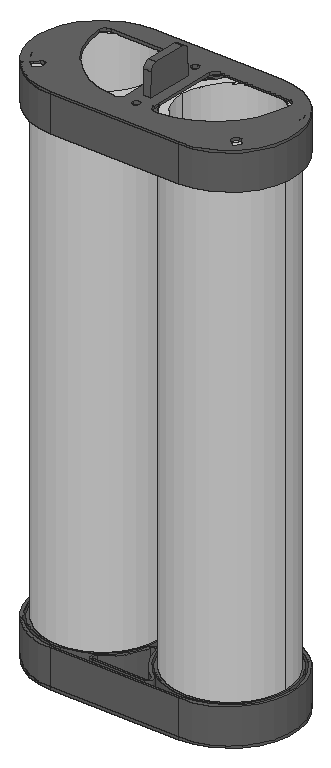
Revit family "Pedestal-System_Perimeter-Assembly_AWS", category Generic Models, Revit 2026
Family settings
  Can host rebar = No
  Round Connector Dimension = Use Diameter
  Part Type = Normal
  Work Plane-Based = No
  Always vertical = Yes
  Cut with Voids When Loaded = No
  Maintain Annotation Orientation = No
  Shared = No
  Room Calculation Point = No
Parameters
  URL = "https://paradigmwindows.com/"
  SDR 40, 1.5INCH PVC HEIGHT [instance] = 0' - 9"
  Product Page URL = "https://www.arcat.com/company/appian-way-sales-inc-48786"
  Materials = Black
  Manufacturer = "Appian Way"  # constant formula
  Keynote = "07 76 00"
  Default Elevation = 0' - 0"
  Copyright = "@ARCAT"  # constant formula
Reference planes (in)
  plane 1 "Center (Front/Back)": y = 0
  plane 2: z = 0
  plane 3 "Center (Left/Right)": x = 0
  plane 4: z = 9.03561
  plane 5: z = 0.03561
  plane 6: z = 9.07122
  plane 7: x = -1.0825
  plane 8: x = 1.0825
Dimensions and locks (in)
  locked: plane 5 to level at 0.03561
  locked: plane 6 to plane 4 at 0.03561
  "SDR 40, 1.5INCH PVC HEIGHT": plane 4 to plane 5
  plane 7 to plane 3 "Center (Left/Right)" to plane 8 = 0' - 1.0825" locked, 0' - 1.0825" locked
  aligned and locked: level to plane 2
  aligned and locked: plane 1 "Center (Front/Back)" to nested 1
  aligned and locked: plane 3 "Center (Left/Right)" to nested 1
  aligned and locked: plane 2 to nested 1
  aligned and locked: plane 3 "Center (Left/Right)" to nested 2
  aligned and locked: plane 1 "Center (Front/Back)" to nested 2
  aligned and locked: plane 4 to nested 2
  aligned and locked: plane 7 to nested 4
  aligned and locked: nested 3 to plane 8
  aligned and locked: plane 1 "Center (Front/Back)" to nested 3
  aligned and locked: plane 1 "Center (Front/Back)" to nested 4
  aligned and locked: plane 5 to nested 3
  aligned and locked: plane 5 to nested 4
Nested families (in)
  nested 1: "PERIMETER BOTTOM CAP" at (0, 0, 0.03561), type "PERIMETER BOTTOM CAP"
  nested 2: "PERIMETER TOP CAP" at (0, 0, 9.03561), type "PERIMETER TOP CAP"
  nested 3: "SDR 40, 1.5INCH PVC" at (1.0825, 0, 0.03561), type "SDR 40, 1.5INCH PVC"
    with SDR 40, 1.5INCH PVC HEIGHT 0' - 9"
  nested 4: "SDR 40, 1.5INCH PVC" at (-1.0825, 0, 0.03561), type "SDR 40, 1.5INCH PVC"
    with SDR 40, 1.5INCH PVC HEIGHT 0' - 9"
Definition of nested family "PERIMETER BOTTOM CAP"
  Parameters (values of type "PERIMETER BOTTOM CAP")
    Pipe Height = 0' - 9"
    Head Materials = none
    Default Elevation = 0' - 0"
    Adjustment Height = 0' - 0 3/4"
  Reference planes (in)
    plane 1 "Center (Front/Back)": y = 0
    plane 2: z = 0
    plane 3 "Center (Left/Right)": x = 0
    plane 4: z = -0.03561
    plane 5: z = 0.59739
  Forms (in)
    Extrusion 1, solid, material <- "Head Materials"
      sketch origin (0, 0, 0) x (0, -1, 0) y (1, 0, 0)
        loop
          arc (-1.08438, -1.0791) -> (-0.76798, -1.84807) -> (0, -2.16688) r 1.08438
          arc (0, -2.16688) -> (0.76798, -1.84807) -> (1.08438, -1.0791) r 1.08438
          line (1.08438, -1.0791) -> (1.08438, 1.0825)
          arc (1.08438, 1.0825) -> (0, 2.16688) -> (-1.08438, 1.0825) r 1.08438
          line (-1.08438, 1.0825) -> (-1.08438, -1.0791)
        loop
          arc (-1.04938, -1.0825) -> (0, -2.13188) -> (1.04938, -1.0825) r 1.04938
          line (1.04938, -1.0825) -> (1.04938, 1.0825)
          arc (1.04938, 1.0825) -> (0, 2.13188) -> (-1.04938, 1.0825) r 1.04938
          line (-1.04938, 1.0825) -> (-1.04938, -1.0825)
      from 0 to 0.59739
    Extrusion 2, solid, material <- "Head Materials"
      sketch origin (0, 0, 0) x (0, -1, 0) y (1, 0, 0)
        loop
          arc (-1.08438, -1.0791) -> (0, -2.16688) -> (1.08438, -1.0791) r 1.08438
          line (1.08438, -1.0791) -> (1.08438, 1.0825)
          arc (1.08438, 1.0825) -> (0, 2.16688) -> (-1.08438, 1.0825) r 1.08438
          line (-1.08438, 1.0825) -> (-1.08438, -1.0791)
        loop
          circle (-0.625, 0) r 0.06233
        loop
          circle (0.625, 0) r 0.06233
        loop
          arc (-0.61952, -0.56068) -> (-0.17916, -1.28994) -> (0.60642, -1.61948) r 1.3741
          arc (0.60642, -1.61948) -> (0.66776, -1.54097) -> (0.719, -1.45551) r 0.81
          line (0.719, -1.45551) -> (0.719, -0.70949)
          arc (0.719, -0.70949) -> (0.0895, -0.27746) -> (-0.61952, -0.56068) r 0.81
        loop
          arc (0.60642, 1.61948) -> (-0.17916, 1.28994) -> (-0.61952, 0.56068) r 1.3741
          arc (-0.61952, 0.56068) -> (0.0895, 0.27746) -> (0.719, 0.70949) r 0.81
          line (0.719, 0.70949) -> (0.719, 1.45551)
          arc (0.719, 1.45551) -> (0.66776, 1.54097) -> (0.60642, 1.61948) r 0.81
      from -0.03561 to 0
    Extrusion 3, solid, material <- "Head Materials"
      sketch origin (0, 0, 0) x (0, -1, 0) y (1, 0, 0)
        loop
          circle (0, -1.0825) r 1.00106
        loop
          circle (0, -1.0825) r 0.9578
        loop
          circle (0, 1.0825) r 1.00106
        loop
          circle (0, 1.0825) r 0.9578
        loop
          arc (-1.00106, -0.44066) -> (-0.94201, -0.5212) -> (-0.84744, -0.4891) r 0.08445
          arc (-0.84744, -0.4891) -> (-0.59422, -0.23564) -> (-0.26973, -0.08375) r 1.03454
          arc (-0.26973, -0.08375) -> (-0.20561, 0) -> (-0.26973, 0.08375) r 0.08675
          arc (-0.26973, 0.08375) -> (-0.5941, 0.23556) -> (-0.84728, 0.48887) r 1.03454
          arc (-0.84728, 0.48887) -> (-0.94195, 0.52099) -> (-1.00106, 0.44036) r 0.08454
          line (-1.00106, 0.44036) -> (-1.00106, -0.44066)
        loop
          arc (-0.87495, 0.46739) -> (-0.93107, 0.48635) -> (-0.96607, 0.43857) r 0.05012
          line (-0.96607, 0.43857) -> (-0.96607, -0.4381)
          arc (-0.96607, -0.4381) -> (-0.93097, -0.48602) -> (-0.8747, -0.46703) r 0.05026
          arc (-0.8747, -0.46703) -> (-0.61352, -0.20644) -> (-0.27934, -0.05009) r 1.06953
          arc (-0.27934, -0.05009) -> (-0.241, 0) -> (-0.27934, 0.05009) r 0.05189
          arc (-0.27934, 0.05009) -> (-0.61371, 0.20656) -> (-0.87495, 0.46739) r 1.06953
        loop
          line (1.00106, -0.44066) -> (1.00106, 0.44036)
          arc (1.00106, 0.44036) -> (0.94195, 0.52099) -> (0.84728, 0.48887) r 0.08454
          arc (0.84728, 0.48887) -> (0.5941, 0.23556) -> (0.26973, 0.08375) r 1.03454
          arc (0.26973, 0.08375) -> (0.20561, 0) -> (0.26973, -0.08375) r 0.08675
          arc (0.26973, -0.08375) -> (0.59422, -0.23564) -> (0.84744, -0.4891) r 1.03454
          arc (0.84744, -0.4891) -> (0.94201, -0.5212) -> (1.00106, -0.44066) r 0.08445
        loop
          arc (0.87495, 0.46739) -> (0.61371, 0.20656) -> (0.27934, 0.05009) r 1.06953
          arc (0.27934, 0.05009) -> (0.241, 0) -> (0.27934, -0.05009) r 0.05189
          arc (0.27934, -0.05009) -> (0.61352, -0.20644) -> (0.8747, -0.46703) r 1.06953
          arc (0.8747, -0.46703) -> (0.93097, -0.48602) -> (0.96607, -0.4381) r 0.05026
          line (0.96607, -0.4381) -> (0.96607, 0.43857)
          arc (0.96607, 0.43857) -> (0.93107, 0.48635) -> (0.87495, 0.46739) r 0.05012
      from 0.59739 to 0
    Extrusion 4, void
      sketch origin (0, 0, 0) x (0, -1, 0) y (1, 0, 0)
        loop
          arc (-0.52692, -1.71524) -> (-0.52692, -1.60942) -> (-0.63274, -1.60942) r 0.07483
          line (-0.63274, -1.60942) -> (-0.72811, -1.70479)
          arc (-0.72811, -1.70479) -> (-0.67727, -1.75977) -> (-0.62229, -1.81061) r 0.9578
          line (-0.62229, -1.81061) -> (-0.52692, -1.71524)
        loop
          line (-0.52692, 1.71524) -> (-0.62229, 1.81061)
          arc (-0.62229, 1.81061) -> (-0.67727, 1.75977) -> (-0.72811, 1.70479) r 0.9578
          line (-0.72811, 1.70479) -> (-0.63274, 1.60942)
          arc (-0.63274, 1.60942) -> (-0.52692, 1.60942) -> (-0.52692, 1.71524) r 0.07483
      from -0.03561 to 0
  Cuts and joins
    Extrusion 4 cuts Extrusion 2
  Dimensions and locks (in)
    aligned and locked: plane 2 to level
Definition of nested family "PERIMETER TOP CAP"
  Parameters (values of type "PERIMETER TOP CAP")
    Pipe Height = 0' - 9"
    Head Materials = none
    Default Elevation = 0' - 0"
    Adjustment Height = 0' - 0 3/4"
  Reference planes (in)
    plane 1 "Center (Front/Back)": y = 0
    plane 2: z = 0
    plane 3 "Center (Left/Right)": x = 0
    plane 4: x = -2.444
    plane 5: x = 2.444
    plane 6: z = 0.23236
    plane 7: z = 0.36236
    plane 8: z = 0.61236
    plane 9: z = 0.74236
  Forms (in)
    Extrusion 1, solid, material <- "Head Materials"
      sketch origin (0, 0, 0) x (1, 0, 0) y (0, 1, 0)
        loop
          arc (-1.0791, 1.08438) -> (-1.84807, 0.76798) -> (-2.16688, 0) r 1.08438
          arc (-2.16688, 0) -> (-1.84807, -0.76798) -> (-1.0791, -1.08438) r 1.08438
          line (-1.0791, -1.08438) -> (1.0825, -1.08438)
          arc (1.0825, -1.08438) -> (2.16688, 0) -> (1.0825, 1.08438) r 1.08438
          line (1.0825, 1.08438) -> (-1.0791, 1.08438)
        loop
          arc (-1.0825, 1.04938) -> (-2.13188, 0) -> (-1.0825, -1.04938) r 1.04938
          line (-1.0825, -1.04938) -> (1.0825, -1.04938)
          arc (1.0825, -1.04938) -> (2.13188, 0) -> (1.0825, 1.04938) r 1.04938
          line (1.0825, 1.04938) -> (-1.0825, 1.04938)
      from -0.59739 to 0
    Extrusion 2, solid, material <- "Head Materials"
      sketch origin (0, 0, 0) x (1, 0, 0) y (0, 1, 0)
        loop
          arc (-1.0791, 1.08438) -> (-2.16688, 0) -> (-1.0791, -1.08438) r 1.08438
          line (-1.0791, -1.08438) -> (1.0825, -1.08438)
          arc (1.0825, -1.08438) -> (2.16688, 0) -> (1.0825, 1.08438) r 1.08438
          line (1.0825, 1.08438) -> (-1.0791, 1.08438)
        loop
          arc (-1.52017, 0.729) -> (-1.60095, 0.69367) -> (-1.62983, 0.61037) r 0.11
          arc (-1.62983, 0.61037) -> (-1.22871, -0.25971) -> (-0.35863, -0.66083) r 1.3841
          arc (-0.35863, -0.66083) -> (-0.27533, -0.63195) -> (-0.24, -0.55117) r 0.11
          line (-0.24, -0.55117) -> (-0.24, 0.619)
          arc (-0.24, 0.619) -> (-0.27222, 0.69678) -> (-0.35, 0.729) r 0.11
          line (-0.35, 0.729) -> (-1.52017, 0.729)
        loop
          arc (0.35, 0.729) -> (0.27222, 0.69678) -> (0.24, 0.619) r 0.11
          line (0.24, 0.619) -> (0.24, -0.55117)
          arc (0.24, -0.55117) -> (0.27533, -0.63195) -> (0.35863, -0.66083) r 0.11
          arc (0.35863, -0.66083) -> (1.22871, -0.25971) -> (1.62983, 0.61037) r 1.3841
          arc (1.62983, 0.61037) -> (1.60095, 0.69367) -> (1.52017, 0.729) r 0.11
          line (1.52017, 0.729) -> (0.35, 0.729)
        loop
          circle (0, 0.625) r 0.06233
        loop
          circle (0, -0.625) r 0.06233
      from 0 to 0.03561
    Extrusion 3, solid, material <- "Head Materials"
      sketch origin (0, 0, 0) x (0, 1, 0) y (0, 0, 1)
        loop
          line (0.27795, 0.53398) -> (-0.27806, 0.53392)
          arc (-0.27806, 0.53392) -> (-0.34815, 0.50524) -> (-0.37803, 0.43565) r 0.1
          line (-0.37803, 0.43565) -> (-0.38497, 0.03561) -> (0.38497, 0.03561) -> (0.37794, 0.43573)
          arc (0.37794, 0.43573) -> (0.34804, 0.50531) -> (0.27795, 0.53398) r 0.1
      from -0.06233 to 0.06233
    Extrusion 4, void
      sketch origin (0, 0, 0) x (1, 0, 0) y (0, 1, 0)
        loop
          line (-1.71524, -0.52692) -> (-1.81061, -0.62229)
          arc (-1.81061, -0.62229) -> (-1.75977, -0.67727) -> (-1.70479, -0.72811) r 0.9578
          line (-1.70479, -0.72811) -> (-1.60942, -0.63274)
          arc (-1.60942, -0.63274) -> (-1.60942, -0.52692) -> (-1.71524, -0.52692) r 0.07483
        loop
          arc (1.71524, -0.52692) -> (1.60942, -0.52692) -> (1.60942, -0.63274) r 0.07483
          line (1.60942, -0.63274) -> (1.70479, -0.72811)
          arc (1.70479, -0.72811) -> (1.75977, -0.67727) -> (1.81061, -0.62229) r 0.9578
          line (1.81061, -0.62229) -> (1.71524, -0.52692)
      from 0 to 0.03561
    Extrusion 5, solid, material <- "Head Materials"
      sketch origin (0, 0, 0) x (1, 0, 0) y (0, 1, 0)
        loop
          circle (-1.0825, 0) r 1.00106
        loop
          circle (-1.0825, 0) r 0.9578
        loop
          circle (1.0825, 0) r 1.00106
        loop
          circle (1.0825, 0) r 0.9578
        loop
          arc (-0.44066, 1.00106) -> (-0.5212, 0.94201) -> (-0.4891, 0.84744) r 0.08445
          arc (-0.4891, 0.84744) -> (-0.23564, 0.59422) -> (-0.08375, 0.26973) r 1.03454
          arc (-0.08375, 0.26973) -> (0, 0.20561) -> (0.08375, 0.26973) r 0.08675
          arc (0.08375, 0.26973) -> (0.23556, 0.5941) -> (0.48887, 0.84728) r 1.03454
          arc (0.48887, 0.84728) -> (0.52099, 0.94195) -> (0.44036, 1.00106) r 0.08454
          line (0.44036, 1.00106) -> (-0.44066, 1.00106)
        loop
          arc (0.46739, 0.87495) -> (0.48635, 0.93107) -> (0.43857, 0.96607) r 0.05012
          line (0.43857, 0.96607) -> (-0.4381, 0.96607)
          arc (-0.4381, 0.96607) -> (-0.48602, 0.93097) -> (-0.46703, 0.8747) r 0.05026
          arc (-0.46703, 0.8747) -> (-0.20644, 0.61352) -> (-0.05009, 0.27934) r 1.06953
          arc (-0.05009, 0.27934) -> (0, 0.241) -> (0.05009, 0.27934) r 0.05189
          arc (0.05009, 0.27934) -> (0.20656, 0.61371) -> (0.46739, 0.87495) r 1.06953
        loop
          line (-0.44066, -1.00106) -> (0.44036, -1.00106)
          arc (0.44036, -1.00106) -> (0.52099, -0.94195) -> (0.48887, -0.84728) r 0.08454
          arc (0.48887, -0.84728) -> (0.23556, -0.5941) -> (0.08375, -0.26973) r 1.03454
          arc (0.08375, -0.26973) -> (0, -0.20561) -> (-0.08375, -0.26973) r 0.08675
          arc (-0.08375, -0.26973) -> (-0.23564, -0.59422) -> (-0.4891, -0.84744) r 1.03454
          arc (-0.4891, -0.84744) -> (-0.5212, -0.94201) -> (-0.44066, -1.00106) r 0.08445
        loop
          arc (0.46739, -0.87495) -> (0.20656, -0.61371) -> (0.05009, -0.27934) r 1.06953
          arc (0.05009, -0.27934) -> (0, -0.241) -> (-0.05009, -0.27934) r 0.05189
          arc (-0.05009, -0.27934) -> (-0.20644, -0.61352) -> (-0.46703, -0.8747) r 1.06953
          arc (-0.46703, -0.8747) -> (-0.48602, -0.93097) -> (-0.4381, -0.96607) r 0.05026
          line (-0.4381, -0.96607) -> (0.43857, -0.96607)
          arc (0.43857, -0.96607) -> (0.48635, -0.93107) -> (0.46739, -0.87495) r 0.05012
      from -0.59739 to 0
  Cuts and joins
    Extrusion 4 cuts Extrusion 2
  Dimensions and locks (in)
    aligned and locked: plane 2 to level
Definition of nested family "SDR 40, 1.5INCH PVC"
  Parameters (values of type "SDR 40, 1.5INCH PVC")
    SDR 40, 1.5INCH PVC HEIGHT = 0' - 6"
    Pipe Height = 0' - 9"
    PIPE MATERIAL = none
    Default Elevation = 0' - 0"
    Adjustment Height = 0' - 0 3/4"
  Reference planes (in)
    plane 1 "Center (Front/Back)": y = 0
    plane 2: z = 0
    plane 3 "Center (Left/Right)": x = 0
    plane 4: z = 6
  Forms (in)
    Extrusion 1, solid, material <- "PIPE MATERIAL"
      sketch origin (0, 0, 0) x (1, 0, 0) y (0, 1, 0)
        loop
          circle (0, 0) r 0.804
        loop
          circle (0, 0) r 0.955
      from 0 to 6
  Dimensions and locks (in)
    "SDR 40, 1.5INCH PVC HEIGHT": plane 4 to plane 2
    aligned and locked: level to plane 2
    aligned and locked: Extrusion 1 to plane 2
    aligned and locked: plane 4 to Extrusion 1
  Automatic sketch dimensions
    Extrusion 1 sketch curve to Extrusion 1 sketch curve = 0' - 0"  (x2)
    plane 1 "Center (Front/Back)" to Extrusion 1 sketch curve = 0' - 0"
    Extrusion 1 sketch curve to plane 3 "Center (Left/Right)" = 0' - 0"
    radius of Extrusion 1 sketch curve = 0' - 0.804"
    radius of Extrusion 1 sketch curve = 0' - 0.955"
